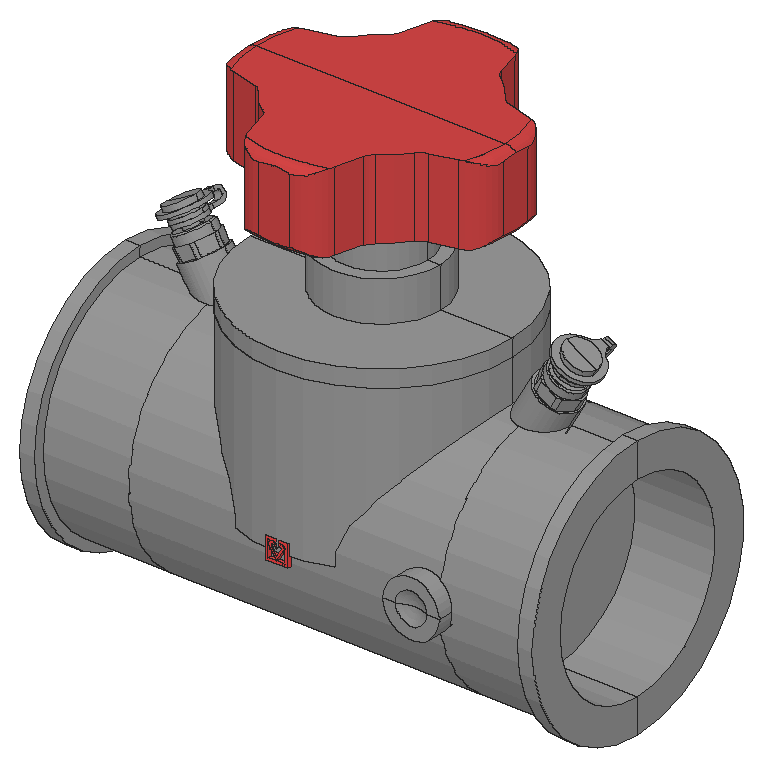
Revit family "HERZ Strömax Commissioning Valve With Test Points, Straight Body 4217 GM", category Rohrzubehör, Revit 2019
Family settings
  Bemaßung runder Anschluss = Durchmesser verwenden
  Teiletyp = Unterbricht
  OmniClass-Nummer = 23.65.55.14
  OmniClass-Titel = Valves for Liquid Services
  Arbeitsebenenbasiert = Nein
  Immer vertikal = Ja
  Beim Laden mit Abzugskörper schneiden = Nein
  Gemeinsam genutzt = Nein
Parameters
  kvs-value [instance] = if(Nennweite = 15.00 mm, 6.05, if(Nennweite = 20.00 mm, 6.11, if(Nennweite = 25.00 mm, 9.22, if(Nennweite = 32.00 mm, 18.83, if(Nennweite = 40.00 mm, 23.29, if(Nennweite = 50.00 mm, 35.26, if(Nennweite = 65.00 mm, 52.11, if(Nennweite = 80.00 mm, 76.1, 0))))))))  # 76.1
  W02 = 60.00°  # constant formula
  W01 = 30.00°  # constant formula
  URL = "www.herzvalves.com"
  SC_NennweiteBerechnet = 0
  SC_Dimension = ""
  SCRNSEQ = "ARM;ARM_TYP=\"STRV\";2"
  SCRNCODE = "05;07;02"  # constant formula
  S02 = 60.00 mm  # constant formula
  S01 [instance] = H00 + H01  # 119.31 mm
  R01 [instance] = size_lookup("4217_GM_", "R1", 1.00 mm, Nennweite)  # 53.00 mm
  Part number [instance] = size_lookup("4217_GM_", "Artnr", 0, Nennweite)  # 1421708
  Nennweite [instance] = 80.00 mm
  Model = "STRÖMAX-GM commissioning valve with test points, 1/2′′ – 3′′:\r\nScrew down model, brass version, socket x socket, non-rising spindle, spindle seal by means of double-O-ring, presetting by limitation of valve lift by means of internal spindle;\r\ndigital display of presetting step at the hand wheel window.\r\n2 standard test points are located adjacent to the hand wheel."
  Medium = "Water purity in accordance with the OeNORM H5195 and VDI 2035 standards.\r\nEthylene and propylene glycol can be mixed to a ratio of 25 - 50 vol. [%]."
  Max. operating pressure = 1600000.0 Pa  # constant formula
  Max. operating temperature (up to DN32) = 130 °C  # constant formula
  Max. operating temperature (from DN40) = 110 °C  # constant formula
  ML02 [instance] = size_lookup("4217_GM_", "ML2", 1.00 mm, Nennweite)  # 70.50 mm
  ML01 [instance] = size_lookup("4217_GM_", "ML1", 1.00 mm, Nennweite)  # 37.35 mm
  MD01 = 9.50 mm  # constant formula
  L02 [instance] = size_lookup("4217_GM_", "L2", 1.00 mm, Nennweite)  # 6.00 mm
  L01 [instance] = size_lookup("4217_GM_", "L1", 1.00 mm, Nennweite)  # 41.30 mm
  L00 [instance] = size_lookup("4217_GM_", "L", 1.00 mm, Nennweite)  # 210.00 mm
  IG [instance] = Nennweite / 2  # 40.00 mm
  Hersteller = "HERZ Armaturen Ges.m.b.H."  # constant formula
  H04 [instance] = size_lookup("4217_GM_", "H4", 1.00 mm, Nennweite)  # 19.00 mm
  H03 = 10.00 mm  # constant formula
  H02 [instance] = size_lookup("4217_GM_", "H2", 1.00 mm, Nennweite)  # 7.00 mm
  H01 [instance] = size_lookup("4217_GM_", "H1", 1.00 mm, Nennweite)  # 52.60 mm
  H00 [instance] = size_lookup("4217_GM_", "H", 1.00 mm, Nennweite)  # 66.71 mm
  Weight [instance] = if(Nennweite = 15.00 mm, "0.85 kg", if(Nennweite = 20.00 mm, "1.22 kg", if(Nennweite = 25.00 mm, "1.55 kg", if(Nennweite = 32.00 mm, "1.88 kg", if(Nennweite = 40.00 mm, "2.34 kg", if(Nennweite = 50.00 mm, "3.74 kg", if(Nennweite = 65.00 mm, "5.23 kg", if(Nennweite = 80.00 mm, "6.97 kg", "0 kg"))))))))  # "6.97 kg"
  GT [instance] = size_lookup("4217_GM_", "GT", 1.00 mm, Nennweite)  # 33.30 mm
  Field of application = "For hydraulic balancing in heating and cooling systems, adjustment of distribution mains, circuits, heat exchangers, heating and cooling registers, etc."
  Installation position = "The non-rising valve spindle arranged perpendicular to the valve axis guarantees optimum accessibility and optimum valve operation in any installation position."
  Differential pressure measurement = "The STRÖMAX-GM commissioning valve is equipped with two test points.\r\nThe differential pressure can be measured using a suitable measuring instrument, which permits calculation of the flow rate as a function of the respective presetting step.\r\nThe HERZ-Measuring computer (1 8900 05) permits direct flow rate reading (consult the equipment manual)."
  DN80 [instance] = Nennweite = 80.00 mm  # yes
  DN65 [instance] = Nennweite = 65.00 mm  # no
  DN50_DN80 [instance] = or(Nennweite = 50.00 mm, Nennweite = 65.00 mm, Nennweite = 80.00 mm)  # yes
  DN50-DN80 [instance] = H00 + H01  # 119.31 mm
  DN50 [instance] = Nennweite = 50.00 mm  # no
  DN40 [instance] = Nennweite = 40.00 mm  # no
  DN32 [instance] = Nennweite = 32.00 mm  # no
  DN25 [instance] = Nennweite = 25.00 mm  # no
  DN20 [instance] = Nennweite = 20.00 mm  # no
  DN15_DN40 [instance] = or(Nennweite = 15.00 mm, Nennweite = 20.00 mm, Nennweite = 25.00 mm, Nennweite = 32.00 mm, Nennweite = 40.00 mm)  # no
  DN15-DN40 [instance] = H00 + H01  # 119.31 mm
  DN15 [instance] = Nennweite = 15.00 mm  # no
  D06 [instance] = size_lookup("4217_GM_", "D6", 1.00 mm, Nennweite)  # 24.30 mm
  D05 [instance] = size_lookup("4217_GM_", "D5", 1.00 mm, Nennweite)  # 19.00 mm
  D04 = 9.00 mm  # constant formula
  D03 [instance] = size_lookup("4217_GM_", "D3", 1.00 mm, Nennweite)  # 53.80 mm
  D02 [instance] = size_lookup("4217_GM_", "D2", 1.00 mm, Nennweite)  # 54.00 mm
  D01 [instance] = size_lookup("4217_GM_", "D1", 1.00 mm, Nennweite)  # 50.00 mm
  Body = "DZR brass"  # constant formula
Reference planes
  plane 1 "Mitte (Vorne/hinten)": y = 0
  plane 2: z = 0
  plane 3 "Mitte (Links/rechts)": x = 0
Forms (mm)
  Revolve 1, solid, material "Messing, weicher Gelbton, geschweißt", detail levels fine
    sketch origin (0, 0, 0) x (1, 0, 0) y (0, 0, 1)
      loop
        line (-105, 54) -> (-105, 40) -> (-71.7, 40) -> (-71.7, 0) -> (71.7, 0) -> (71.7, 40) -> (105, 40) -> (105, 54) -> (99, 54) -> (99, 50) -> (63.7, 50)
        arc (63.7, 50) -> (0, 53) -> (-63.7, 50) r 677.782
        line (-63.7, 50) -> (-99, 50) -> (-99, 54) -> (-105, 54)
      axis (-105, 0) -> (105, 0)
    angle from 0 to 360
  Revolve 2, solid, material "Messing, weicher Gelbton, geschweißt", detail levels fine
    sketch origin (0, 0, 0) x (1, 0, 0) y (0, 0, 1)
      loop
        line (37.35, 0) -> (72.6, 61.055) -> (64.373, 65.805) -> (29.123, 4.75) -> (37.35, 0)
      axis (37.35, 0) -> (72.6, 61.055)
    angle from 0 to 360
  Revolve 3, solid, material "Messing, weicher Gelbton, geschweißt", detail levels fine
    sketch origin (0, 0, 0) x (1, 0, 0) y (0, 0, 1)
      loop
        line (0, 0) -> (0, 66.71) -> (-53.8, 66.71) -> (-53.8, 0) -> (0, 0)
      axis (0, 66.71) -> (0, 0)
    angle from 0 to 360
  Revolve 4, solid, material "Messing, weicher Gelbton, geschweißt", detail levels fine
    sketch origin (0, 0, 0) x (-1, 0, 0) y (0, 0, 1)
      loop
        line (37.35, 0) -> (72.6, 61.055) -> (64.373, 65.805) -> (29.123, 4.75) -> (37.35, 0)
      axis (37.35, 0) -> (72.6, 61.055)
    angle from 0 to 360
  Revolve 5, solid, material "Messing, weicher Gelbton, geschweißt", visible <- "DN65", detail levels fine
    sketch origin (0, 0, 0) x (1, 0, 0) y (0, 1, 0)
      loop
        line (60, 47.945) -> (60, -47.945)
        arc (60, -47.945) -> (63.368, -48.598) -> (66.5, -50) r 15
        line (66.5, -50) -> (71.5, -50) -> (71.5, 50) -> (66.5, 50)
        arc (66.5, 50) -> (63.368, 48.598) -> (60, 47.945) r 15
      axis (60, 50) -> (60, -50)
    angle from 0 to 360
  Revolve 6, solid, material "Messing, weicher Gelbton, geschweißt", detail levels fine
    sketch origin (0, 0, 0) x (1, 0, 0) y (0, 0, 1)
      loop
        line (0, 66.71) -> (0, 119.31) -> (-9, 119.31) -> (-9, 109.31) -> (-19, 109.31) -> (-19, 90.31) -> (-24.3, 90.31) -> (-24.3, 73.71) -> (-53.8, 73.71) -> (-53.8, 66.71) -> (0, 66.71)
      axis (0, 119.31) -> (0, 66.71)
    angle from 0 to 360
  Revolve 7, solid, material "Messing, weicher Gelbton, geschweißt", visible <- "DN80", detail levels fine
    sketch origin (0, 0, 0) x (1, 0, 0) y (0, 1, 0)
      loop
        line (57, 53.945) -> (57, -53.945)
        arc (57, -53.945) -> (60.368, -54.598) -> (63.5, -56) r 15
        line (63.5, -56) -> (68.5, -56) -> (68.5, 56) -> (63.5, 56)
        arc (63.5, 56) -> (60.368, 54.598) -> (57, 53.945) r 15
      axis (57, 56) -> (57, -56)
    angle from 0 to 360
Lines and regions (mm)
  model lines, detail levels coarse+medium
    curve 1: line (-105, 0, 54) -> (-105, 0, -54)
    curve 2: line (-105, 0, -54) -> (105, 0, 54)
    curve 3: line (105, 0, 54) -> (105, 0, -54)
    curve 4: line (105, 0, -54) -> (-105, 0, 54)
    curve 5: line (0, 0, 0) -> (68.884, 0, 119.31)
    curve 6: line (42.903, 0, 134.31) -> (94.864, 0, 104.31)
    curve 7: line (-105, 54, 0) -> (-105, -54, 0)
    curve 8: line (-105, -54, 0) -> (105, 54, 0)
    curve 9: line (105, 54, 0) -> (105, -54, 0)
    curve 10: line (105, -54, 0) -> (-105, 54, 0)
    curve 11: line (0, 0, 0) -> (68.884, 119.31, 0)
    curve 12: line (42.903, 134.31, 0) -> (94.864, 104.31, 0)
Dimensions and locks
  "IG": Revolve 1 sketch curve to plane 2
  "GT": Revolve 1 sketch curve to Revolve 1 sketch curve  (x2)
  "IG": Revolve 1 sketch curve to Revolve 1 sketch curve
  "D01": Revolve 1 sketch curve to Revolve 1 sketch curve  (x2)
  "R01": Revolve 1 sketch curve to Revolve 1 sketch curve
  "L02": Revolve 1 sketch curve to Revolve 1 sketch curve  (x2)
  "L01": Revolve 1 sketch curve to Revolve 1 sketch curve  (x2)
  "D02": Revolve 1 sketch curve to plane 2  (x2)
  equal spacing: Revolve 1 sketch curve, plane 3 "Mitte (Links/rechts)", Revolve 1 sketch curve
  "L00": Revolve 1 sketch curve to Revolve 1 sketch curve
  "R01": nested 1 to plane 1 "Mitte (Vorne/hinten)"
  "ML01": Revolve 2 sketch curve to plane 3 "Mitte (Links/rechts)"
  "H00": Revolve 3 sketch curve to plane 2
  "D03": Revolve 3 sketch curve to Revolve 3 sketch curve
  "ML02": Revolve 2 sketch curve to Revolve 2 sketch curve
  "MD01": Revolve 2 sketch curve to Revolve 2 sketch curve  (x2)
  "ML02": Revolve 4 sketch curve to Revolve 4 sketch curve
  "MD01": Revolve 4 sketch curve to Revolve 4 sketch curve  (x2)
  "ML01": plane 3 "Mitte (Links/rechts)" to Revolve 4 sketch curve
  Revolve 5 sketch curve to Revolve 1 = 45.00 mm
  Revolve 5 sketch curve to Revolve 5 sketch curve = 11.50 mm  (x2)
  Revolve 5 sketch curve to plane 1 "Mitte (Vorne/hinten)" to Revolve 5 sketch curve = 50.00 mm, 50.00 mm
  "H00": Revolve 6 sketch curve to plane 2
  "H01": Revolve 6 sketch curve to Revolve 6 sketch curve
  "D04": Revolve 6 sketch curve to Revolve 6 sketch curve
  "D03": Revolve 6 sketch curve to Revolve 6 sketch curve
  "D05": Revolve 6 sketch curve to Revolve 6 sketch curve
  "D06": Revolve 6 sketch curve to Revolve 6 sketch curve
  "H02": Revolve 6 sketch curve to Revolve 6 sketch curve
  "H03": Revolve 6 sketch curve to Revolve 6 sketch curve
  "H04": Revolve 6 sketch curve to Revolve 6 sketch curve
  Revolve 7 sketch curve to Revolve 1 = 48.00 mm
  Revolve 7 sketch curve to Revolve 7 sketch curve = 11.50 mm  (x2)
  Revolve 7 sketch curve to plane 1 "Mitte (Vorne/hinten)" to Revolve 7 sketch curve = 56.00 mm, 56.00 mm
  "DN15-DN40": nested 2 to plane 2
  "DN50-DN80": nested 3 to plane 2
  "D02": curve 4 to plane 2 to curve 2
  "D02": curve 3 to plane 2 to curve 4
  equal spacing: curve 1, plane 3 "Mitte (Links/rechts)", curve 3
  "L00": curve 1 to curve 3
  equal spacing: Revolve 1, curve 5, Revolve 1
  "S01": curve 5 to plane 2
  equal spacing: curve 6, curve 5, curve 6
  "S02": curve 6 to curve 6
  "D02": curve 8 to plane 1 "Mitte (Vorne/hinten)" to curve 10
  "D02": curve 10 to plane 1 "Mitte (Vorne/hinten)" to curve 9
  equal spacing: curve 7, plane 3 "Mitte (Links/rechts)", curve 9
  "L00": curve 7 to curve 9
  equal spacing: curve 7, curve 11, curve 9
  "S01": plane 1 "Mitte (Vorne/hinten)" to curve 11
  equal spacing: curve 12, curve 11, curve 12
  "S02": curve 12 to curve 12
  radius of Revolve 5 sketch curve = 15.00 mm  (x2)
  radius of Revolve 7 sketch curve = 15.00 mm  (x2)
  "W01": angle Revolve 2 sketch curve to plane 3 "Mitte (Links/rechts)"  (x2)
  "W01": angle plane 3 "Mitte (Links/rechts)" to Revolve 4 sketch curve  (x2)
  "W02": angle plane 2 to curve 5
  "W02": angle plane 1 "Mitte (Vorne/hinten)" to curve 11
  aligned and locked: level to plane 2
Automatic sketch dimensions
  Revolve 5 sketch curve to Revolve 5 sketch curve = 1.153 mm  (x2)
  Revolve 5 sketch curve to Revolve 5 sketch curve = 5.00 mm  (x2)
  Revolve 5 sketch curve to Revolve 5 sketch curve = 2.854 mm  (x2)
  Revolve 7 sketch curve to Revolve 7 sketch curve = 1.153 mm  (x2)
  Revolve 7 sketch curve to Revolve 7 sketch curve = 5.00 mm  (x2)
  Revolve 7 sketch curve to Revolve 7 sketch curve = 8.854 mm  (x2)
  Revolve 1 sketch curve to level = 0.00 mm  (x2)
  Revolve 1 sketch curve to Revolve 1 sketch curve = 1429.986 mm
  Revolve 1 sketch curve to Revolve 1 sketch curve = 1762.604 mm
  Revolve 2 sketch curve to level = 0.00 mm  (x2)
  Revolve 3 sketch curve to level = 0.00 mm
  Revolve 3 sketch curve to plane 3 "Mitte (Links/rechts)" = 0.00 mm  (x2)
  Revolve 3 sketch curve to Revolve 3 sketch curve = 366.045 mm
  Revolve 3 sketch curve to Revolve 3 sketch curve = 2179.415 mm
  Revolve 4 sketch curve to level = 0.00 mm  (x2)
  Revolve 6 sketch curve to plane 3 "Mitte (Links/rechts)" = 0.00 mm  (x2)
  Revolve 6 sketch curve to level = 366.045 mm
  Revolve 6 sketch curve to Revolve 6 sketch curve = 2146.115 mm
Nested families
  nested 1: "Herz-Logo-vorne" at (0, -53, 0) x (0, 1, 0) z (0, 0, 1), type "Herz-Logo-vorne", detail levels fine
  nested 2: "Strangregulierventil-Handrad-Gerade (Rot) DN15-DN40" at (0, 0, 119.31), visible <- "DN15_DN40", type "Strangregulierventil-Handrad-Gerade (Rot) DN15-DN40", detail levels fine
    with Nennweite 0.00 mm, Gewicht 0.00 kg, Bestellnummer 0
  nested 3: "Strangregulierventil-Handrad-Gerade (Rot) DN50-DN80" at (0, 0, 119.31), visible <- "DN50_DN80", type "Strangregulierventil-Handrad-Gerade (Rot) DN50-DN80", detail levels fine
    with Nennweite 0.00 mm, Gewicht 0.00 kg, Bestellnummer 0
  nested 4: "Messstutzen_Band_Austritt_30Grad_(oben)" at (47.24, 0, 34.901), visible <- "DN50", type "Messstutzen_Band_Austritt_30Grad_(oben)", detail levels fine
    with Schutzkappe yes, Nennweite 0.00 mm, Gewicht 0.00 kg, Bestellnummer 0
  nested 5: "Messstutzen_Band_Eintritt_30Grad_(oben)" at (-47.24, 0, 34.901) x (-1, 0, 0) z (0, 0, 1), visible <- "DN50", type "Messstutzen_Band_Eintritt_30Grad_(oben)", detail levels fine
    with Schutzkappe yes, Nennweite 0.00 mm, Gewicht 0.00 kg, Bestellnummer 0
  nested 6: "Messstutzen_Band_Austritt_30Grad_(oben)" at (27.02, 0, 10.999), visible <- "DN15", type "Messstutzen_Band_Austritt_30Grad_(oben)", detail levels fine
    with Schutzkappe yes, Nennweite 0.00 mm, Gewicht 0.00 kg, Bestellnummer 0
  nested 7: "Messstutzen_Band_Eintritt_30Grad_(oben)" at (-27.02, 0, 10.999) x (-1, 0, 0) z (0, 0, 1), visible <- "DN15", type "Messstutzen_Band_Eintritt_30Grad_(oben)", detail levels fine
    with Schutzkappe yes, Nennweite 0.00 mm, Gewicht 0.00 kg, Bestellnummer 0
  nested 8: "Messstutzen_Band_Eintritt_30Grad_(oben)" at (-24.855, 0, 13.553) x (-1, 0, 0) z (0, 0, 1), visible <- "DN20", type "Messstutzen_Band_Eintritt_30Grad_(oben)", detail levels fine
    with Schutzkappe yes, Nennweite 0.00 mm, Gewicht 0.00 kg, Bestellnummer 0
  nested 9: "Messstutzen_Band_Austritt_30Grad_(oben)" at (24.855, 0, 13.553), visible <- "DN20", type "Messstutzen_Band_Austritt_30Grad_(oben)", detail levels fine
    with Schutzkappe yes, Nennweite 0.00 mm, Gewicht 0.00 kg, Bestellnummer 0
  nested 10: "Messstutzen_Band_Eintritt_30Grad_(oben)" at (-29.265, 0, 17.883) x (-1, 0, 0) z (0, 0, 1), visible <- "DN25", type "Messstutzen_Band_Eintritt_30Grad_(oben)", detail levels fine
    with Schutzkappe yes, Nennweite 0.00 mm, Gewicht 0.00 kg, Bestellnummer 0
  nested 11: "Messstutzen_Band_Austritt_30Grad_(oben)" at (29.265, 0, 17.883), visible <- "DN25", type "Messstutzen_Band_Austritt_30Grad_(oben)", detail levels fine
    with Schutzkappe yes, Nennweite 0.00 mm, Gewicht 0.00 kg, Bestellnummer 0
  nested 12: "Messstutzen_Band_Eintritt_30Grad_(oben)" at (-37.74, 0, 24.595) x (-1, 0, 0) z (0, 0, 1), visible <- "DN32", type "Messstutzen_Band_Eintritt_30Grad_(oben)", detail levels fine
    with Schutzkappe yes, Nennweite 0.00 mm, Gewicht 0.00 kg, Bestellnummer 0
  nested 13: "Messstutzen_Band_Austritt_30Grad_(oben)" at (37.74, 0, 24.595), visible <- "DN32", type "Messstutzen_Band_Austritt_30Grad_(oben)", detail levels fine
    with Schutzkappe yes, Nennweite 0.00 mm, Gewicht 0.00 kg, Bestellnummer 0
  nested 14: "Messstutzen_Band_Eintritt_30Grad_(oben)" at (-42.8, 0, 28.665) x (-1, 0, 0) z (0, 0, 1), visible <- "DN40", type "Messstutzen_Band_Eintritt_30Grad_(oben)", detail levels fine
    with Schutzkappe yes, Nennweite 0.00 mm, Gewicht 0.00 kg, Bestellnummer 0
  nested 15: "Messstutzen_Band_Austritt_30Grad_(oben)" at (42.8, 0, 28.665), visible <- "DN40", type "Messstutzen_Band_Austritt_30Grad_(oben)", detail levels fine
    with Schutzkappe yes, Nennweite 0.00 mm, Gewicht 0.00 kg, Bestellnummer 0
  nested 16: "Messstutzen_Band_Eintritt_30Grad_(oben)" at (-54.5, 0, 38.105) x (-1, 0, 0) z (0, 0, 1), visible <- "DN65", type "Messstutzen_Band_Eintritt_30Grad_(oben)", detail levels fine
    with Schutzkappe yes, Nennweite 0.00 mm, Gewicht 0.00 kg, Bestellnummer 0
  nested 17: "Messstutzen_Band_Austritt_30Grad_(oben)" at (54.5, 0, 38.105), visible <- "DN65", type "Messstutzen_Band_Austritt_30Grad_(oben)", detail levels fine
    with Schutzkappe yes, Nennweite 0.00 mm, Gewicht 0.00 kg, Bestellnummer 0
  nested 18: "Messstutzen_Band_Eintritt_30Grad_(oben)" at (-63.85, 0, 45.899) x (-1, 0, 0) z (0, 0, 1), visible <- "DN80", type "Messstutzen_Band_Eintritt_30Grad_(oben)", detail levels fine
    with Schutzkappe yes, Nennweite 0.00 mm, Gewicht 0.00 kg, Bestellnummer 0
  nested 19: "Messstutzen_Band_Austritt_30Grad_(oben)" at (63.85, 0, 45.899), visible <- "DN80", type "Messstutzen_Band_Austritt_30Grad_(oben)", detail levels fine
    with Schutzkappe yes, Nennweite 0.00 mm, Gewicht 0.00 kg, Bestellnummer 0
Connectors
  piping at (-71.7, 0, 0), diameter 80, driven by "Nennweite"
    settings: on Revolve 1, index 1, connector inside diameter 609.6 mm, connector length 0.00 mm, flow factor 0, pipe flow 0.0 L/s, pressure drop 0.0 Pa, fitting loss kfactor 0, connector angle 0.00°, fixture units 0, engagement length 0.00 mm, angle of deflection 0.00°, flow configuration 0, flow direction 1, fitting loss method 0, system type 29, joint type 0, gender type 0, connector reference index -1, connector utility 0, adjustable connector no, is connector primary yes, connector description ""
  piping at (71.7, 0, 0), diameter 80, driven by "Nennweite"
    settings: on Revolve 1, index 2, connector inside diameter 609.6 mm, connector length 0.00 mm, flow factor 0, pipe flow 0.0 L/s, pressure drop 0.0 Pa, fitting loss kfactor 0, connector angle 0.00°, fixture units 0, engagement length 0.00 mm, angle of deflection 0.00°, flow configuration 0, flow direction 2, fitting loss method 0, system type 29, joint type 0, gender type 0, connector reference index -1, connector utility 0, adjustable connector no, is connector primary no, connector description ""
Definition of nested family "Herz-Logo-vorne"
  Reference planes
    plane 1 "Mitte (Vorne/hinten)": y = 0
    plane 2: z = 0
    plane 3 "Mitte (Links/rechts)": x = 0
  Forms (mm)
    Extrusion 1, solid
      sketch origin (0.732, -0.018, 0.017) x (0, -1, 0) y (0, 0, 1)
        loop
          line (-0.018, -4.517) -> (4.482, -4.517) -> (4.482, 4.483) -> (-4.518, 4.483) -> (-4.518, -4.517) -> (-0.018, -4.517)
        loop
          line (-0.05, -3.48) -> (3.482, -3.48) -> (3.482, 3.483) -> (-3.518, 3.483) -> (-3.518, -3.48) -> (-0.05, -3.48)
        loop
          arc (-0.018, 2.383) -> (-1.543, 3.287) -> (-3.067, 2.383) r 1.738
          arc (-3.067, 2.383) -> (-3.191, 1.899) -> (-3.067, 1.415) r 1.009
          line (-3.067, 1.415) -> (-0.018, -3.281) -> (3.032, 1.415)
          arc (3.032, 1.415) -> (3.156, 1.899) -> (3.032, 2.383) r 1.009
          arc (3.032, 2.383) -> (1.507, 3.287) -> (-0.018, 2.383) r 1.738
        loop
          arc (1.885, 1.272) -> (2.005, 1.675) -> (1.885, 2.079) r 0.74
          arc (1.885, 2.079) -> (1.265, 2.416) -> (0.644, 2.079) r 0.74
          line (0.644, 2.079) -> (-0.018, 0.97) -> (-0.679, 2.079)
          arc (-0.679, 2.079) -> (-1.3, 2.416) -> (-1.921, 2.079) r 0.74
          arc (-1.921, 2.079) -> (-2.04, 1.675) -> (-1.921, 1.272) r 0.74
          line (-1.921, 1.272) -> (-0.018, -1.658) -> (1.885, 1.272)
      from 0 to 1.5
  Dimensions and locks
    aligned and locked: level to plane 2
Definition of nested family "Strangregulierventil-Handrad-Gerade (Rot) DN15-DN40"
  Parameters (values of type "Strangregulierventil-Handrad-Gerade (Rot) DN15-DN40")
    URL = "www.herz-armaturen.at"
    Nennweite [instance] = 0.00 mm
    Manufacturer = "Herz Armaturen GmbH"  # constant formula
    Gewicht [instance] = 0.00 kg
    Bestellnummer [instance] = 0
  Reference planes
    plane 1 "Mitte (Vorne/hinten)": y = 0
    plane 2: z = 0
    plane 3 "Mitte (Links/rechts)": x = 0
  Forms (mm)
    Revolve 1, solid, detail levels fine
      sketch origin (0, 0, 0) x (1, 0, 0) y (0, 0, 1)
        loop
          line (0, 0) -> (0, 24.95) -> (-30.992, 24.95)
          arc (-30.992, 24.95) -> (-34.37, 23.636) -> (-35.973, 20.386) r 5
          line (-35.973, 20.386) -> (-37, 8.65) -> (-35.986, -2.936)
          arc (-35.986, -2.936) -> (-34.383, -6.186) -> (-31.005, -7.5) r 5
          line (-31.005, -7.5) -> (-15, -7.5) -> (-15, 0) -> (0, 0)
        axis (0, 24.95) -> (0, -7.5)
      angle from 0 to 360
    Extrusion 2, void
      sketch origin (0, 0, 20.3) x (1, 0, 0) y (0, 1, 0)
        loop
          line (3.861, 35.5) -> (-3.861, 35.5)
          arc (-3.861, 35.5) -> (-8.731, 33.847) -> (-11.589, 29.571) r 8
          line (-11.589, 29.571) -> (-13.284, 23.245)
          arc (-13.284, 23.245) -> (-13.982, 21.722) -> (-15.144, 20.516) r 5
          arc (-15.144, 20.516) -> (-18.031, 18.031) -> (-20.516, 15.144) r 25.5
          arc (-20.516, 15.144) -> (-21.722, 13.982) -> (-23.245, 13.284) r 5
          line (-23.245, 13.284) -> (-29.571, 11.589)
          arc (-29.571, 11.589) -> (-33.847, 8.731) -> (-35.5, 3.861) r 8
          line (-35.5, 3.861) -> (-35.5, -3.861)
          arc (-35.5, -3.861) -> (-33.847, -8.731) -> (-29.571, -11.589) r 8
          line (-29.571, -11.589) -> (-23.245, -13.284)
          arc (-23.245, -13.284) -> (-21.722, -13.982) -> (-20.516, -15.144) r 5
          arc (-20.516, -15.144) -> (-18.031, -18.031) -> (-15.144, -20.516) r 25.5
          arc (-15.144, -20.516) -> (-13.982, -21.722) -> (-13.284, -23.245) r 5
          line (-13.284, -23.245) -> (-11.589, -29.571)
          arc (-11.589, -29.571) -> (-8.731, -33.847) -> (-3.861, -35.5) r 8
          line (-3.861, -35.5) -> (3.861, -35.5)
          arc (3.861, -35.5) -> (8.731, -33.847) -> (11.589, -29.571) r 8
          line (11.589, -29.571) -> (13.284, -23.245)
          arc (13.284, -23.245) -> (13.982, -21.722) -> (15.144, -20.516) r 5
          arc (15.144, -20.516) -> (18.031, -18.031) -> (20.516, -15.144) r 25.5
          arc (20.516, -15.144) -> (21.722, -13.982) -> (23.245, -13.284) r 5
          line (23.245, -13.284) -> (29.571, -11.589)
          arc (29.571, -11.589) -> (33.847, -8.731) -> (35.5, -3.861) r 8
          line (35.5, -3.861) -> (35.5, 3.861)
          arc (35.5, 3.861) -> (33.847, 8.731) -> (29.571, 11.589) r 8
          line (29.571, 11.589) -> (23.245, 13.284)
          arc (23.245, 13.284) -> (21.722, 13.982) -> (20.516, 15.144) r 5
          arc (20.516, 15.144) -> (18.031, 18.031) -> (15.144, 20.516) r 25.5
          arc (15.144, 20.516) -> (13.982, 21.722) -> (13.284, 23.245) r 5
          line (13.284, 23.245) -> (11.589, 29.571)
          arc (11.589, 29.571) -> (8.731, 33.847) -> (3.861, 35.5) r 8
        loop
          circle (0, 0) r 38
      from -31.266 to 7.923
  Cuts and joins
    Extrusion 2 cuts Revolve 1
  Dimensions and locks
    Revolve 1 sketch curve to Revolve 1 sketch curve = 15.00 mm
    Revolve 1 sketch curve to Revolve 1 sketch curve = 16.15 mm
    Revolve 1 sketch curve to Revolve 1 sketch curve = 16.30 mm
    angle Revolve 1 sketch curve to Revolve 1 sketch curve = 95.00°
    aligned and locked: level to plane 2
Definition of nested family "Strangregulierventil-Handrad-Gerade (Rot) DN50-DN80"
  Parameters (values of type "Strangregulierventil-Handrad-Gerade (Rot) DN50-DN80")
    URL = "www.herz-armaturen.at"
    Nennweite [instance] = 0.00 mm
    Manufacturer = "Herz Armaturen GmbH"  # constant formula
    Gewicht [instance] = 0.00 kg
    Bestellnummer [instance] = 0
  Reference planes
    plane 1 "Mitte (Vorne/hinten)": y = 0
    plane 2: z = 0
    plane 3 "Mitte (Links/rechts)": x = 0
  Forms (mm)
    Revolve 1, solid, detail levels fine
      sketch origin (0, 0, 0) x (1, 0, 0) y (0, 0, 1)
        loop
          line (0, 0) -> (0, 24.95) -> (-50.992, 24.95)
          arc (-50.992, 24.95) -> (-54.37, 23.636) -> (-55.973, 20.386) r 5
          line (-55.973, 20.386) -> (-57, 8.65) -> (-55.986, -2.936)
          arc (-55.986, -2.936) -> (-54.383, -6.186) -> (-51.005, -7.5) r 5
          line (-51.005, -7.5) -> (-15, -7.5) -> (-15, 0) -> (0, 0)
        axis (0, 24.95) -> (0, -7.5)
      angle from 0 to 360
    Extrusion 2, void
      sketch origin (0, 0, 20.3) x (1, 0, 0) y (0, 1, 0)
        loop
          line (-55, 6.292) -> (-55, -6.292)
          arc (-55, -6.292) -> (-52.52, -13.597) -> (-46.106, -17.883) r 12
          line (-46.106, -17.883) -> (-35.399, -20.752)
          arc (-35.399, -20.752) -> (-33.541, -21.612) -> (-32.08, -23.047) r 6
          arc (-32.08, -23.047) -> (-27.931, -27.931) -> (-23.047, -32.08) r 39.5
          arc (-23.047, -32.08) -> (-21.612, -33.541) -> (-20.752, -35.399) r 6
          line (-20.752, -35.399) -> (-17.883, -46.106)
          arc (-17.883, -46.106) -> (-13.597, -52.52) -> (-6.292, -55) r 12
          line (-6.292, -55) -> (6.292, -55)
          arc (6.292, -55) -> (13.597, -52.52) -> (17.883, -46.106) r 12
          line (17.883, -46.106) -> (20.752, -35.399)
          arc (20.752, -35.399) -> (21.612, -33.541) -> (23.047, -32.08) r 6
          arc (23.047, -32.08) -> (27.931, -27.931) -> (32.08, -23.047) r 39.5
          arc (32.08, -23.047) -> (33.541, -21.612) -> (35.399, -20.752) r 6
          line (35.399, -20.752) -> (46.106, -17.883)
          arc (46.106, -17.883) -> (52.52, -13.597) -> (55, -6.292) r 12
          line (55, -6.292) -> (55, 6.292)
          arc (55, 6.292) -> (52.52, 13.597) -> (46.106, 17.883) r 12
          line (46.106, 17.883) -> (35.399, 20.752)
          arc (35.399, 20.752) -> (33.541, 21.612) -> (32.08, 23.047) r 6
          arc (32.08, 23.047) -> (27.931, 27.931) -> (23.047, 32.08) r 39.5
          arc (23.047, 32.08) -> (21.612, 33.541) -> (20.752, 35.399) r 6
          line (20.752, 35.399) -> (17.883, 46.106)
          arc (17.883, 46.106) -> (13.597, 52.52) -> (6.292, 55) r 12
          line (6.292, 55) -> (-6.292, 55)
          arc (-6.292, 55) -> (-13.597, 52.52) -> (-17.883, 46.106) r 12
          line (-17.883, 46.106) -> (-20.752, 35.399)
          arc (-20.752, 35.399) -> (-21.612, 33.541) -> (-23.047, 32.08) r 6
          arc (-23.047, 32.08) -> (-27.931, 27.931) -> (-32.08, 23.047) r 39.5
          arc (-32.08, 23.047) -> (-33.541, 21.612) -> (-35.399, 20.752) r 6
          line (-35.399, 20.752) -> (-46.106, 17.883)
          arc (-46.106, 17.883) -> (-52.52, 13.597) -> (-55, 6.292) r 12
        loop
          circle (0, 0) r 60
      from -31.161 to 7.489
  Cuts and joins
    Extrusion 2 cuts Revolve 1
  Dimensions and locks
    Revolve 1 sketch curve to Revolve 1 sketch curve = 15.00 mm
    Revolve 1 sketch curve to Revolve 1 sketch curve = 16.15 mm
    Revolve 1 sketch curve to Revolve 1 sketch curve = 16.30 mm
    Revolve 1 sketch curve to Revolve 1 sketch curve = 57.00 mm
    angle Revolve 1 sketch curve to Revolve 1 sketch curve = 95.00°
    aligned and locked: level to plane 2
Definition of nested family "Messstutzen_Band_Austritt_30Grad_(oben)"
  Parameters (values of type "Messstutzen_Band_Austritt_30Grad_(oben)")
    URL = "www.herz-armaturen.at"
    Schutzkappe [instance] = yes
    Nennweite [instance] = 0.00 mm
    Manufacturer = "Herz Armaturen GmbH"  # constant formula
    Gewicht [instance] = 0.00 kg
    Bestellnummer [instance] = 0
  Reference planes
    plane 1 "Mitte (Vorne/hinten)": y = 0
    plane 2: z = 0
    plane 3 "Mitte (Links/rechts)": x = 0
  Forms (mm)
    Revolve 1, solid, detail levels fine
      sketch origin (0, 0, 0) x (0.866025, 0, -0.5) y (0.5, 0, 0.866025)
        loop
          line (-7.4, 9) -> (-5.55, 9) -> (-5.55, 6)
          arc (-5.55, 6) -> (-5.626, 5.617) -> (-5.843, 5.293) r 1
          line (-5.843, 5.293) -> (-6.455, 4.681) -> (-6.455, 0.9) -> (-5.555, 0) -> (-2, 0) -> (-2, 17.5) -> (-8.4, 17.5)
          arc (-8.4, 17.5) -> (-7.693, 17.207) -> (-7.4, 16.5) r 1
          line (-7.4, 16.5) -> (-7.4, 9)
        loop
          line (-3.7, 27) -> (-7.3, 27) -> (-7.9, 26.4) -> (-7.9, 23) -> (-2, 23) -> (-2, 35.8) -> (-3.805, 35.8) -> (-4.415, 35.19) -> (-4.415, 30.863) -> (-3.7, 30.45) -> (-3.7, 27)
        axis (0, 0) -> (0, 35.8)
      angle from 0 to 360
    Extrusion 2, solid, detail levels fine
      sketch origin (8.75, 0, 15.155) x (0, 1, 0) y (-0.866025, 0, 0.5)
        loop
          arc (-7.07, 5.156) -> (-7.578, 4.375) -> (-8, 3.544) r 8.75
          line (-8, 3.544) -> (-8, -3.544)
          arc (-8, -3.544) -> (-7.578, -4.375) -> (-7.07, -5.156) r 8.75
          line (-7.07, -5.156) -> (-0.93, -8.7)
          arc (-0.93, -8.7) -> (0, -8.75) -> (0.93, -8.7) r 8.75
          line (0.93, -8.7) -> (7.07, -5.156)
          arc (7.07, -5.156) -> (7.578, -4.375) -> (8, -3.544) r 8.75
          line (8, -3.544) -> (8, 3.544)
          arc (8, 3.544) -> (7.578, 4.375) -> (7.07, 5.156) r 8.75
          line (7.07, 5.156) -> (0.93, 8.7)
          arc (0.93, 8.7) -> (0, 8.75) -> (-0.93, 8.7) r 8.75
          line (-0.93, 8.7) -> (-7.07, 5.156)
      from 0 to 5.5
    Revolve 3, solid, visible <- "Schutzkappe", detail levels fine
      sketch origin (0, 0, 0) x (0.866025, 0, -0.5) y (0.5, 0, 0.866025)
        loop
          line (0, 35.878) -> (0, 36.678) -> (-7, 36.678) -> (-7, 33.378) -> (-6.1, 33.378) -> (-6.1, 31.678) -> (-6.9, 31.678) -> (-6.9, 30.178) -> (-4.415, 30.178) -> (-4.415, 35.268) -> (-3.805, 35.878) -> (0, 35.878)
        axis (0, 30.178) -> (0, 36.678)
      angle from 0 to 360
    Extrusion 4, solid, detail levels fine
      sketch origin (14.25, 0, 24.682) x (0, 1, 0) y (0.866025, 0, -0.5)
        loop
          circle (0, 0) r 3.7
        loop
          arc (5.505, -3.906) -> (7.288, -2.358) -> (9.582, -1.8) r 5
          line (9.582, -1.8) -> (9.582, 1.8)
          arc (9.582, 1.8) -> (7.288, 2.358) -> (5.505, 3.906) r 5
          arc (5.505, 3.906) -> (-6.75, 0) -> (5.505, -3.906) r 6.75
      from 0 to -1.5
    Extrusion 5, solid, detail levels fine
      sketch origin (16.589, 0, 28.733) x (0, 1, 0) y (0.866025, 0, -0.5)
        loop
          circle (0, 0) r 6.1
        loop
          arc (8.652, -4.495) -> (10.493, -2.527) -> (13.089, -1.8) r 5
          line (13.089, -1.8) -> (13.089, 1.8)
          arc (13.089, 1.8) -> (10.493, 2.527) -> (8.652, 4.495) r 5
          arc (8.652, 4.495) -> (-9.75, 0) -> (8.652, -4.495) r 9.75
      from 0 to -1.5
    Sweep 6, solid, detail levels fine
      path origin (1.029, 0.159, 0.98) x (-0.5, 0, -0.866025) y (0, 1, 0)
        loop
          line (-27.75, 9.582) -> (-27.75, 14.522)
          arc (-27.75, 14.522) -> (-30.089, 16.862) -> (-32.428, 14.522) r 2.339
          line (-32.428, 14.522) -> (-32.428, 13.089)
      profile origin (14.904, 12.211, 25.012) x (0.5, 0, 0.866025) y (0.866025, 0, -0.5)
        loop
          line (-0.75, -1.8) -> (0.75, -1.8) -> (0.75, 1.8) -> (-0.75, 1.8) -> (-0.75, -1.8)
  Dimensions and locks
    aligned and locked: level to plane 2
Definition of nested family "Messstutzen_Band_Eintritt_30Grad_(oben)"
  Parameters (values of type "Messstutzen_Band_Eintritt_30Grad_(oben)")
    URL = "www.herz-armaturen.at"
    Schutzkappe [instance] = yes
    Nennweite [instance] = 0.00 mm
    Manufacturer = "Herz Armaturen GmbH"  # constant formula
    Gewicht [instance] = 0.00 kg
    Bestellnummer [instance] = 0
  Reference planes
    plane 1 "Mitte (Vorne/hinten)": y = 0
    plane 2: z = 0
    plane 3 "Mitte (Links/rechts)": x = 0
  Forms (mm)
    Revolve 1, solid, detail levels fine
      sketch origin (0, 0, 0) x (0.866025, 0, -0.5) y (0.5, 0, 0.866025)
        loop
          line (-7.4, 9) -> (-5.55, 9) -> (-5.55, 6)
          arc (-5.55, 6) -> (-5.626, 5.617) -> (-5.843, 5.293) r 1
          line (-5.843, 5.293) -> (-6.455, 4.681) -> (-6.455, 0.9) -> (-5.555, 0) -> (-2, 0) -> (-2, 17.5) -> (-8.4, 17.5)
          arc (-8.4, 17.5) -> (-7.693, 17.207) -> (-7.4, 16.5) r 1
          line (-7.4, 16.5) -> (-7.4, 9)
        loop
          line (-3.7, 27) -> (-7.3, 27) -> (-7.9, 26.4) -> (-7.9, 23) -> (-2, 23) -> (-2, 35.8) -> (-3.805, 35.8) -> (-4.415, 35.19) -> (-4.415, 30.863) -> (-3.7, 30.45) -> (-3.7, 27)
        axis (0, 0) -> (0, 35.8)
      angle from 0 to 360
    Extrusion 2, solid, detail levels fine
      sketch origin (8.75, 0, 15.155) x (0, 1, 0) y (-0.866025, 0, 0.5)
        loop
          arc (-7.07, 5.156) -> (-7.578, 4.375) -> (-8, 3.544) r 8.75
          line (-8, 3.544) -> (-8, -3.544)
          arc (-8, -3.544) -> (-7.578, -4.375) -> (-7.07, -5.156) r 8.75
          line (-7.07, -5.156) -> (-0.93, -8.7)
          arc (-0.93, -8.7) -> (0, -8.75) -> (0.93, -8.7) r 8.75
          line (0.93, -8.7) -> (7.07, -5.156)
          arc (7.07, -5.156) -> (7.578, -4.375) -> (8, -3.544) r 8.75
          line (8, -3.544) -> (8, 3.544)
          arc (8, 3.544) -> (7.578, 4.375) -> (7.07, 5.156) r 8.75
          line (7.07, 5.156) -> (0.93, 8.7)
          arc (0.93, 8.7) -> (0, 8.75) -> (-0.93, 8.7) r 8.75
          line (-0.93, 8.7) -> (-7.07, 5.156)
      from 0 to 5.5
    Revolve 3, solid, visible <- "Schutzkappe", detail levels fine
      sketch origin (0, 0, 0) x (0.866025, 0, -0.5) y (0.5, 0, 0.866025)
        loop
          line (0, 35.878) -> (0, 36.678) -> (-7, 36.678) -> (-7, 33.378) -> (-6.1, 33.378) -> (-6.1, 31.678) -> (-6.9, 31.678) -> (-6.9, 30.178) -> (-4.415, 30.178) -> (-4.415, 35.268) -> (-3.805, 35.878) -> (0, 35.878)
        axis (0, 30.178) -> (0, 36.678)
      angle from 0 to 360
    Extrusion 4, solid, detail levels fine
      sketch origin (14.25, 0, 24.682) x (0, 1, 0) y (0.866025, 0, -0.5)
        loop
          circle (0, 0) r 3.7
        loop
          arc (5.505, -3.906) -> (7.288, -2.358) -> (9.582, -1.8) r 5
          line (9.582, -1.8) -> (9.582, 1.8)
          arc (9.582, 1.8) -> (7.288, 2.358) -> (5.505, 3.906) r 5
          arc (5.505, 3.906) -> (-6.75, 0) -> (5.505, -3.906) r 6.75
      from 0 to -1.5
    Extrusion 5, solid, detail levels fine
      sketch origin (16.589, 0, 28.733) x (0, 1, 0) y (0.866025, 0, -0.5)
        loop
          circle (0, 0) r 6.1
        loop
          arc (8.652, -4.495) -> (10.493, -2.527) -> (13.089, -1.8) r 5
          line (13.089, -1.8) -> (13.089, 1.8)
          arc (13.089, 1.8) -> (10.493, 2.527) -> (8.652, 4.495) r 5
          arc (8.652, 4.495) -> (-9.75, 0) -> (8.652, -4.495) r 9.75
      from 0 to -1.5
    Sweep 6, solid, detail levels fine
      path origin (0.933, -0.183, 1.116) x (-0.5, 0, -0.866025) y (0, 1, 0)
        loop
          line (-27.75, 9.582) -> (-27.75, 14.522)
          arc (-27.75, 14.522) -> (-30.089, 16.862) -> (-32.428, 14.522) r 2.339
          line (-32.428, 14.522) -> (-32.428, 13.089)
      profile origin (14.808, 11.869, 25.148) x (0.5, 0, 0.866025) y (0.866025, 0, -0.5)
        loop
          line (-0.75, -1.8) -> (0.75, -1.8) -> (0.75, 1.8) -> (-0.75, 1.8) -> (-0.75, -1.8)
  Dimensions and locks
    aligned and locked: level to plane 2
